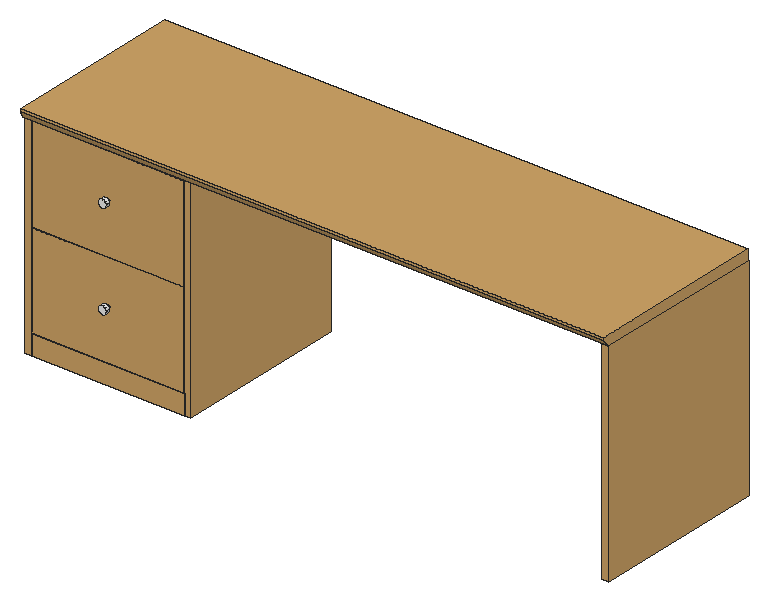
Revit family
Parameters (values of type "1900x590x720mm")
  Manufacturer = ""
  손잡이 재료 = 금속 - 크롬(2)
  Model = ""
  상단 면 재료 = 목재 - 티크, 폭
  측면 재료 = 목재 - 티크, 길이
  서랍 재료 = 목재 - 티크, 폭
  뒷면 보드 재료 = 목재 - 티크, 길이
  폭 = 1900 mm
  높이 = 720 mm
  깊이 = 590 mm
Types (4, lengths in mm): name | 폭
  (no name) | 1900
  1900x590x720mm | 1900
  1700x590x720mm | 1700
  1500x590x720mm | 1500
Reference planes
  plane 1 "중심(앞/뒤)": y = -155
  plane 2: z = 2
  plane 3 "중심(왼쪽/오른쪽)": x = 0
  plane 4: y = 140
  plane 5: x = -950
  plane 6: x = 950
  plane 7: z = 722
  plane 8: z = 687
  plane 9: x = -930
  plane 10: x = -410
  plane 11: x = 550
  plane 12: z = 64
  plane 13: x = -430
  plane 14: x = -432
  plane 15: x = -928
  plane 16: z = 685
  plane 17: z = 66
  plane 18: x = 930
  plane 19: y = -430
  plane 20: y = -412.679
  plane 21: y = 130
  plane 22: y = 123
  plane 23: z = 46
  plane 24: z = 375.5
  plane 25: z = 377
  plane 26: z = 374
  plane 27: y = -450
  plane 28: z = 712
  plane 29: x = -680
  plane 30: y = -440.924
  plane 31: y = -452.245
Forms (mm)
  Extrusion 1, solid, material "목재 - 티크, 길이" <- "측면 재료"
    sketch origin (0, 0, 0) x (1, 0, 0) y (0, 1, 0)
      loop
        line (-950, 140) -> (-950, -430) -> (-930, -430) -> (-930, 140) -> (-950, 140)
    from 0 to 687
  Extrusion 2, solid, material "목재 - 티크, 길이" <- "측면 재료"
    sketch origin (0, 0, 0) x (-1, 0, 0) y (0, -1, 0)
      loop
        line (-950, -140) -> (-930, -140) -> (-930, 430) -> (-950, 430) -> (-950, -140)
    from 0 to 687
  Extrusion 3, solid, material "목재 - 티크, 길이" <- "측면 재료"
    sketch origin (520, 0, 0) x (1, 0, 0) y (0, 1, 0)
      loop
        line (-950, 140) -> (-950, -430) -> (-930, -430) -> (-930, 140) -> (-950, 140)
    from 0 to 687
  Extrusion 4, solid, material "목재 - 티크, 길이" <- "뒷면 보드 재료"
    sketch origin (0, 0, 0) x (1, 0, 0) y (0, 1, 0)
      loop
        line (-930, 130) -> (-930, 123) -> (-430, 123) -> (-430, 130) -> (-930, 130)
    from 62 to 687
  Extrusion 5, solid, material "목재 - 티크, 폭" <- "상단 면 재료"
    sketch origin (0, -155, 0) x (1, 0, 0) y (0, 0, 1)
      loop
        line (-930, 62) -> (-930, 46) -> (-430, 46) -> (-430, 62) -> (-930, 62)
    from -295 to 257.679
  Extrusion 6, solid, material "목재 - 티크, 폭" <- "서랍 재료"
    sketch origin (0, 0, 0) x (1, 0, 0) y (0, 0, -1)
      loop
        line (-930, 0) -> (-930, -46) -> (-430, -46) -> (-430, 0) -> (-930, 0)
    from 123 to 130
  Extrusion 7, solid, material "목재 - 티크, 폭" <- "서랍 재료"
    sketch origin (-868, 0, 0) x (-1, 0, 0) y (0, 0, -1)
      loop
        line (-438, 0) -> (-438, -64) -> (62, -64) -> (62, 0) -> (-438, 0)
    from 412.679 to 430
  Extrusion 8, solid, material "목재 - 티크, 길이" <- "뒷면 보드 재료"
    sketch origin (0, 0, 0) x (-1, 0, 0) y (0, -1, 0)
      loop
        line (-930, -140) -> (-550, -140) -> (-550, -123) -> (-930, -123) -> (-930, -140)
    from 0 to 687
  Extrusion 9, solid, material "목재 - 티크, 폭" <- "서랍 재료"
    sketch origin (0, 0, -404) x (1, 0, 0) y (0, 0, 1)
      loop
        line (-928, 778) -> (-928, 470) -> (-432, 470) -> (-432, 778) -> (-928, 778)
    from 412.679 to 430
  Extrusion 10, solid, material "목재 - 티크, 폭" <- "서랍 재료"
    sketch origin (0, 0, 1151) x (1, 0, 0) y (0, 0, 1)
      loop
        line (-928, -776) -> (-432, -776) -> (-432, -466) -> (-928, -466) -> (-928, -776)
    from 412.679 to 430
  Extrusion 11, solid, material "목재 - 티크, 폭" <- "상단 면 재료"
    sketch origin (0, 0, 0) x (0, 1, 0) y (0, 0, 1)
      loop
        line (140, 722) -> (-450, 722) -> (-450, 712)
        arc (-450, 712) -> (-441.638, 698.189) -> (-430, 687) r 62.124
        line (-430, 687) -> (140, 687) -> (140, 722)
    from -950 to 950
  Extrusion 12, solid, material "금속 - 크롬(2)" <- "손잡이 재료"
    sketch origin (-245.336, -185, -487.854) x (1, 0, 0) y (0, 0, 1)
      loop
        circle (-434.664, 717.853) r 12.678
    from 255.924 to 267.245
  Extrusion 13, solid, material "금속 - 크롬(2)" <- "손잡이 재료"
    sketch origin (-245.336, -185, -487.854) x (1, 0, 0) y (0, 0, 1)
      loop
        circle (-434.664, 717.853) r 4.175
    from 245 to 255.924
  Extrusion 14, solid, material "금속 - 크롬(2)" <- "손잡이 재료"
    sketch origin (-245.336, -185, -176.854) x (1, 0, 0) y (0, 0, 1)
      loop
        circle (-434.664, 717.853) r 12.678
    from 255.924 to 267.245
  Extrusion 15, solid, material "금속 - 크롬(2)" <- "손잡이 재료"
    sketch origin (-245.336, -185, -176.854) x (1, 0, 0) y (0, 0, 1)
      loop
        circle (-434.664, 717.853) r 4.175
    from 245 to 255.924
Lines and regions (mm)
  Masking region 1
    outline origin (0, 0, 0) x (1, 0, 0) y (0, 1, 0)
      loop
        line (-950, 140) -> (-950, -450) -> (950, -450) -> (950, 140) -> (-950, 140)
  symbolic lines
    curve 1: line (-950, 140, 0) -> (950, 140, 0)
    curve 2: line (-950, -450, 0) -> (-950, 140, 0)
    curve 3: line (950, -450, 0) -> (-950, -450, 0)
    curve 4: line (950, 140, 0) -> (950, -450, 0)
Dimensions and locks
  equal spacing: plane 16, plane 24, plane 17
  "폭": plane 5 to plane 6
  "높이": plane 7 to plane 2
  locked: plane 5 to plane 9 at 20
  locked: plane 9 to plane 15 at 2
  locked: plane 18 to plane 6 at 20
  locked: plane 13 to plane 10 at 20
  locked: plane 14 to plane 13 at 2
  locked: plane 8 to plane 16 at 2
  locked: plane 25 to plane 24 at 1.5
  locked: plane 24 to plane 26 at 1.5
  locked: plane 17 to plane 12 at 2
  locked: plane 12 to plane 23 at 18
  locked: plane 23 to plane 2 at 44
  locked: plane 21 to plane 4 at 10
  locked: plane 22 to plane 21 at 7
  locked: plane 19 to plane 20 at 17.321
  locked: plane 27 to plane 19 at 20
  locked: plane 28 to plane 8 at 25
  locked: plane 7 to plane 28 at 10
  equal spacing: plane 27, plane 1 "중심(앞/뒤)", plane 4
  "깊이": plane 27 to plane 4
  equal spacing: plane 5, plane 3 "중심(왼쪽/오른쪽)", plane 6
  plane 15 to plane 29 to plane 14 = 248 mm, 248 mm
  locked: plane 15 to plane 14 at 496
  locked: plane 11 to plane 18 at 380
  plane 31 to plane 30 = 11.321 mm
  plane 31 to plane 27 = 2.245 mm
  aligned and locked: plane 5 to Extrusion 1
  aligned and locked: plane 18 to Extrusion 2
  aligned and locked: plane 18 to Extrusion 8
  aligned and locked: plane 11 to Extrusion 8
  aligned and locked: plane 19 to Extrusion 2
  aligned and locked: plane 4 to Extrusion 8
  aligned and locked: plane 22 to Extrusion 8
  aligned and locked: plane 10 to Extrusion 3
  aligned and locked: plane 13 to Extrusion 3
  aligned and locked: plane 13 to Extrusion 6
  aligned and locked: plane 9 to Extrusion 4
  aligned and locked: plane 21 to Extrusion 4
  aligned and locked: plane 22 to Extrusion 4
  aligned and locked: plane 14 to Extrusion 10
  aligned and locked: plane 13 to Extrusion 7
  aligned and locked: Extrusion 1 to Extrusion 10
  aligned and locked: plane 20 to Extrusion 10
  aligned and locked: plane 20 to Extrusion 9
  aligned and locked: plane 19 to Extrusion 9
  aligned and locked: plane 19 to Extrusion 7
  aligned and locked: plane 20 to Extrusion 5
  aligned and locked: plane 20 to Extrusion 7
  aligned and locked: Extrusion 8 to Extrusion 6
  aligned and locked: plane 23 to Extrusion 5
  aligned and locked: plane 16 to Extrusion 10
  aligned and locked: Extrusion 6 to plane 21
  aligned and locked: Extrusion 1 to plane 8
  aligned and locked: Extrusion 3 to plane 8
  aligned and locked: Extrusion 2 to plane 8
  aligned and locked: Extrusion 4 to plane 8
  aligned and locked: Extrusion 8 to plane 8
  aligned and locked: Extrusion 1 to Extrusion 9
  aligned and locked: Extrusion 6 to Extrusion 4  (x2)
  aligned and locked: Extrusion 5 to plane 4
  aligned and locked: Extrusion 11 to plane 6
  aligned and locked: plane 5 to Extrusion 11  (x2)
  aligned and locked: Extrusion 5 to Extrusion 3
  aligned and locked: plane 27 to Extrusion 11
  aligned and locked: plane 4 to Extrusion 11
  aligned and locked: plane 19 to Extrusion 15
  aligned and locked: plane 30 to Extrusion 14
  aligned and locked: plane 30 to Extrusion 15
  aligned and locked: plane 31 to Extrusion 14
  aligned and locked: Extrusion 13 to plane 19
  aligned and locked: plane 30 to Extrusion 13
  aligned and locked: Extrusion 12 to plane 30
  aligned and locked: plane 31 to Extrusion 12
Automatic sketch dimensions
  Extrusion 1 sketch curve to plane 5 = 0 mm
  Extrusion 1 sketch curve to plane 9 = 0 mm
  Extrusion 1 sketch curve to plane 19 = 0 mm
  Extrusion 1 sketch curve to plane 4 = 0 mm
  Extrusion 2 sketch curve to plane 6 = 0 mm
  Extrusion 2 sketch curve to plane 18 = 0 mm
  Extrusion 2 sketch curve to plane 4 = 0 mm
  Extrusion 2 sketch curve to plane 19 = 0 mm
  Extrusion 3 sketch curve to plane 13 = 0 mm
  Extrusion 3 sketch curve to plane 10 = 0 mm
  Extrusion 3 sketch curve to plane 19 = 0 mm
  Extrusion 3 sketch curve to plane 4 = 0 mm
  Extrusion 4 sketch curve to plane 9 = 0 mm
  Extrusion 4 sketch curve to plane 13 = 0 mm
  Extrusion 4 sketch curve to plane 22 = 0 mm
  Extrusion 4 sketch curve to plane 21 = 0 mm
  Extrusion 5 sketch curve to plane 9 = 0 mm
  Extrusion 5 sketch curve to plane 13 = 0 mm
  Extrusion 5 sketch curve to plane 23 = 0 mm
  plane 12 to Extrusion 5 sketch curve = 2 mm
  Extrusion 6 sketch curve to plane 9 = 0 mm
  Extrusion 6 sketch curve to plane 13 = 0 mm
  Extrusion 6 sketch curve to plane 23 = 0 mm
  Extrusion 6 sketch curve to level = 0 mm
  Extrusion 7 sketch curve to plane 12 = 0 mm
  Extrusion 7 sketch curve to plane 13 = 0 mm
  Extrusion 7 sketch curve to plane 9 = 0 mm
  Extrusion 7 sketch curve to level = 0 mm
  Extrusion 8 sketch curve to plane 18 = 0 mm
  Extrusion 8 sketch curve to plane 11 = 0 mm
  Extrusion 8 sketch curve to plane 4 = 0 mm
  Extrusion 8 sketch curve to plane 22 = 0 mm
  Extrusion 9 sketch curve to plane 15 = 0 mm
  Extrusion 9 sketch curve to plane 14 = 0 mm
  Extrusion 9 sketch curve to plane 17 = 0 mm
  Extrusion 9 sketch curve to plane 26 = 0 mm
  Extrusion 10 sketch curve to plane 15 = 0 mm
  Extrusion 10 sketch curve to plane 14 = 0 mm
  plane 25 to Extrusion 10 sketch curve = 2 mm
  Extrusion 10 sketch curve to plane 16 = 0 mm
  Extrusion 11 sketch curve to plane 7 = 0 mm
  Extrusion 11 sketch curve to plane 27 = 0 mm
  Extrusion 11 sketch curve to plane 19 = 0 mm
  Extrusion 11 sketch curve to plane 8 = 0 mm
  Extrusion 11 sketch curve to plane 4 = 0 mm
  Extrusion 11 sketch curve to plane 28 = 0 mm
  Extrusion 11 sketch curve to plane 7 = 14.998 mm
  Extrusion 12 sketch curve to plane 29 = 0 mm
  plane 26 to Extrusion 12 sketch curve = 144.001 mm
  Extrusion 13 sketch curve to plane 29 = 0 mm
  plane 26 to Extrusion 13 sketch curve = 144.001 mm
  Extrusion 14 sketch curve to plane 29 = 0 mm
  plane 16 to Extrusion 14 sketch curve = 144.001 mm
  Extrusion 15 sketch curve to plane 29 = 0 mm
  plane 16 to Extrusion 15 sketch curve = 144.001 mm
  Masking region 1 sketch curve to plane 5 = 0 mm
  Masking region 1 sketch curve to plane 6 = 0 mm
  Masking region 1 sketch curve to plane 27 = 0 mm
  Masking region 1 sketch curve to plane 4 = 0 mm
  curve 3 to plane 5 = 0 mm
  curve 3 to plane 6 = 0 mm
  curve 3 to plane 27 = 0 mm
  curve 2 to plane 4 = 0 mm
  radius of Extrusion 12 sketch curve = 12.678 mm
  radius of Extrusion 13 sketch curve = 4.175 mm
  radius of Extrusion 14 sketch curve = 12.678 mm
  radius of Extrusion 15 sketch curve = 4.175 mm
